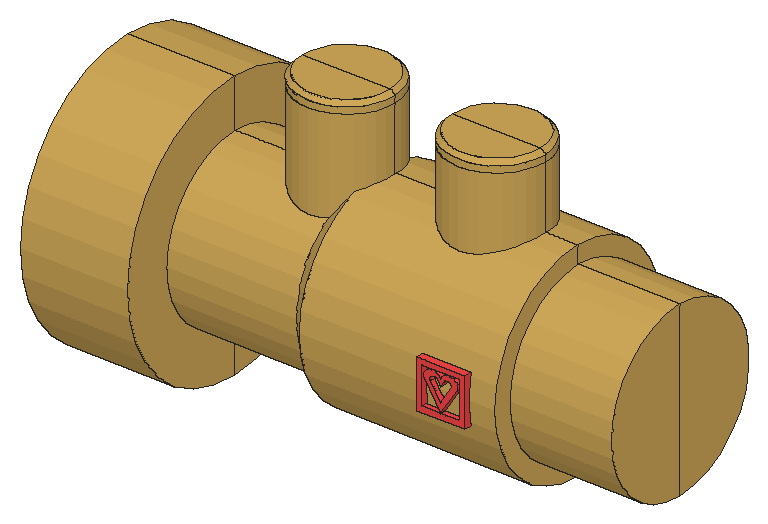
Revit family "HERZ Backflow Preventer 2623", category Rohrzubehör, Revit 2020
Family settings
  Bemaßung runder Anschluss = Durchmesser verwenden
  Teiletyp = Unterbricht
  OmniClass-Nummer = 23.65.55.14
  OmniClass-Titel = Valves for Liquid Services
  Arbeitsebenenbasiert = Nein
  Immer vertikal = Ja
  Beim Laden mit Abzugskörper schneiden = Nein
  Gemeinsam genutzt = Nein
Parameters
  Vorgabe-Ansicht = 0.00 mm
  Part number [instance] = size_lookup("2623_", "Artnr", 0, Nennweite)  # 1262304
  Note = "Pursuant to Article 33 of the REACH Regulation (EC No. 1907/2006), we are obliged to point out that the material lead is listed on the SVHC list and that all brass components manufactured in our products exceed 0.1% (w / w) lead (CAS: 7439-92-1 / EINECS: 231-100-4).\r\nSince lead is a component part of an alloy, actual exposure is not possible and therefore no additional information on safe use is necessary."
  Min. operating temperature (water) = 0.5 °C  # constant formula
  Min. operating temperature = -10 °C  # constant formula
  Max. operating temperature = 95 °C  # constant formula
  Max. operating pressure = 1600000.0 Pa  # constant formula
  W01 = 45.00°  # constant formula
  URL = "www.herzvalves.com"
  Plugs = "brass"  # constant formula
  SC_NennweiteBerechnet = 0
  SC_Dimension = ""
  SCTWSEQ = "FW;SBT_TYP_FW=\"108\";2"
  SCTWCODE = "04;14;02"  # constant formula
  S03 = 10.00 mm  # constant formula
  S02 [instance] = L00 / 2  # 44.00 mm
  S01 [instance] = (L00 / 2) + L07 - L06  # 59.00 mm
  Check valve = "POM (body), NBR (O-Ring), stainless steel AISI 302 (spring)"  # constant formula
  R01 = 9.00 mm  # constant formula
  Nennweite [instance] = 32.00 mm
  Medium = "clear liquids"  # constant formula
  LO1 [instance] = if(Nennweite = 20.00 mm, 18.00 mm, if(Nennweite = 25.00 mm, 18.00 mm, if(Nennweite = 32.00 mm, 24.00 mm, 1.00 mm)))  # 24.00 mm
  L07 [instance] = size_lookup("2623_", "L7", 1.00 mm, Nennweite)  # 20.00 mm
  L06 [instance] = size_lookup("2623_", "L6", 1.00 mm, Nennweite)  # 5.00 mm
  L05 [instance] = size_lookup("2623_", "L5", 1.00 mm, Nennweite) + L04  # 53.90 mm
  L04 [instance] = size_lookup("2623_", "L4", 1.00 mm, Nennweite)  # 25.90 mm
  L03 [instance] = size_lookup("2623_", "L3", 1.00 mm, Nennweite)  # 19.00 mm
  L02 [instance] = size_lookup("2623_", "L2", 1.00 mm, Nennweite)  # 32.50 mm
  L01 [instance] = size_lookup("2623_", "L1", 1.00 mm, Nennweite)  # 2.50 mm
  L00 [instance] = size_lookup("2623_", "L", 1.00 mm, Nennweite)  # 88.00 mm
  Female thread = "acc. to ISO 228"  # constant formula
  IG [instance] = Nennweite / 2  # 16.00 mm
  Hersteller = "HERZ Armaturen Ges.m.b.H."  # constant formula
  H02 = 2.00 mm  # constant formula
  H01 [instance] = size_lookup("2623_", "H1", 1.00 mm, Nennweite)  # 31.00 mm
  GT [instance] = size_lookup("2623_", "GT", 1.00 mm, Nennweite)  # 12.00 mm
  End fitting = "forged brass"  # constant formula
  Sealing = "EPDM"  # constant formula
  D04 [instance] = size_lookup("2623_", "D4", 1.00 mm, Nennweite)  # 25.00 mm
  D03 [instance] = size_lookup("2623_", "D3", 1.00 mm, Nennweite)  # 19.30 mm
  D02 [instance] = size_lookup("2623_", "D2", 1.00 mm, Nennweite)  # 16.00 mm
  D01 [instance] = size_lookup("2623_", "D1", 1.00 mm, Nennweite)  # 18.90 mm
  Body = "forged brass according to EN 12420"  # constant formula
  Male thread = "acc. to ISO 228"  # constant formula
  Application = "The check valve is suitable for central heating systems to prevent backflow.\r\nThis product can be used, in general, with different media, but liquids must be clear.\r\nThe valve can be used in any position.\r\nThe flow direction is indicated by an arrow on the body.\r\nThe check valve is spring-loaded by means of an axial guide and can be operated both at low and at high pressures.\r\nTwo bores 1/4“ plugs are fitted for measuring purposes."
  AG [instance] = Nennweite / 2  # 16.00 mm
Reference planes
  plane 1 "Mitte (Vorne/hinten)": y = 0
  plane 2: z = 0
  plane 3 "Mitte (Links/rechts)": x = 0
Forms (mm)
  Revolve 1, solid, material "Messing, weicher Gelbton, geschweißt", detail levels fine
    sketch origin (0, 0, 0) x (1, 0, 0) y (0, 0, 1)
      loop
        line (-44, 0) -> (44, 0) -> (44, 16) -> (25, 16) -> (25, 19.3) -> (-11.5, 19.3) -> (-14.8, 16) -> (-41.5, 16) -> (-41.5, 18.9) -> (-44, 18.9) -> (-44, 0)
      axis (-44, 0) -> (44, 0)
    angle from 0 to 360
  Revolve 2, solid, material "Messing, weicher Gelbton, geschweißt", detail levels fine
    sketch origin (0, 0, 0) x (1, 0, 0) y (0, 0, 1)
      loop
        line (-18.1, 0) -> (-9.1, 0) -> (-9.1, 31) -> (-18.1, 31) -> (-18.1, 0)
      axis (-18.1, 31) -> (-18.1, 0)
    angle from 0 to 360
  Revolve 3, solid, material "Messing, weicher Gelbton, geschweißt", detail levels fine
    sketch origin (0, 0, 0) x (1, 0, 0) y (0, 0, 1)
      loop
        line (9.9, 0) -> (18.9, 0) -> (18.9, 31) -> (9.9, 31) -> (9.9, 0)
      axis (9.9, 31) -> (9.9, 0)
    angle from 0 to 360
  Revolve 4, solid, material "Messing, weicher Gelbton, geschweißt", detail levels fine
    sketch origin (0, 0, 0) x (1, 0, 0) y (0, 0, 1)
      loop
        line (-39, 0) -> (-39, 25) -> (-59, 25) -> (-59, 16) -> (-47, 16) -> (-47, 0) -> (-39, 0)
      axis (-59, 0) -> (-39, 0)
    angle from 0 to 360
  Revolve 5, solid, material "Messing, weicher Gelbton, geschweißt", detail levels fine
    sketch origin (0, 0, 0) x (1, 0, 0) y (0, 0, 1)
      loop
        line (-18.1, 31) -> (-9.1, 31) -> (-9.1, 32.2) -> (-9.9, 33) -> (-18.1, 33) -> (-18.1, 31)
      axis (-18.1, 33) -> (-18.1, 31)
    angle from 0 to 360
  Revolve 6, solid, material "Messing, weicher Gelbton, geschweißt", detail levels fine
    sketch origin (0, 0, 0) x (1, 0, 0) y (0, 0, 1)
      loop
        line (9.9, 31) -> (18.9, 31) -> (18.9, 32.2) -> (18.1, 33) -> (9.9, 33) -> (9.9, 31)
      axis (9.9, 31) -> (9.9, 33)
    angle from 0 to 360
Lines and regions (mm)
  model lines, detail levels coarse+medium
    curve 1: line (-59, 0, 25) -> (-59, 0, -25)
    curve 2: line (-59, 0, 25) -> (44, 0, -25)
    curve 3: line (44, 0, -25) -> (44, 0, 25)
    curve 4: circle (-59, 0, 25) r 10 normal (0, -1, 0)
    curve 5: line (-59, -25, 0) -> (-59, 25, 0)
    curve 6: line (-59, 25, 0) -> (44, -25, 0)
    curve 7: line (44, -25, 0) -> (44, 25, 0)
    curve 8: circle (-59, 25, 0) r 10 normal (0, 0, 1)
Dimensions and locks
  equal spacing: Revolve 1 sketch curve, plane 3 "Mitte (Links/rechts)", Revolve 1 sketch curve
  "L00": Revolve 1 sketch curve to Revolve 1 sketch curve
  "AG": Revolve 1 sketch curve to plane 2
  "L01": Revolve 1 sketch curve to Revolve 1 sketch curve
  "L02": Revolve 1 sketch curve to Revolve 1 sketch curve
  "D01": Revolve 1 sketch curve to plane 2
  "D02": Revolve 1 sketch curve to plane 2
  "D03": Revolve 1 sketch curve to plane 2
  "L03": Revolve 1 sketch curve to Revolve 1 sketch curve
  "R01": Revolve 2 sketch curve to Revolve 2 sketch curve
  "H01": Revolve 2 sketch curve to plane 2
  "L04": Revolve 1 to Revolve 2 sketch curve
  "L05": Revolve 1 to Revolve 3 sketch curve
  "R01": Revolve 3 sketch curve to Revolve 3 sketch curve
  "H01": Revolve 3 sketch curve to plane 2
  "D03": nested 1 to plane 1 "Mitte (Vorne/hinten)"
  "LO1": nested 1 to Revolve 1
  "L06": Revolve 1 to Revolve 4 sketch curve
  "L07": Revolve 4 sketch curve to Revolve 4 sketch curve
  "GT": Revolve 4 sketch curve to Revolve 4 sketch curve
  "D04": Revolve 4 sketch curve to plane 2
  "IG": Revolve 4 sketch curve to Revolve 4 sketch curve
  "H01": Revolve 5 sketch curve to plane 2
  "H02": Revolve 5 sketch curve to Revolve 5 sketch curve
  "R01": Revolve 5 sketch curve to Revolve 5 sketch curve
  "L04": Revolve 1 to Revolve 5 sketch curve
  "R01": Revolve 6 sketch curve to Revolve 6 sketch curve
  "H01": Revolve 6 sketch curve to plane 2
  "H02": Revolve 6 sketch curve to Revolve 6 sketch curve
  "L05": Revolve 6 sketch curve to Revolve 1
  "D04": curve 2 to plane 2 to curve 1
  "D04": curve 3 to plane 2 to curve 3
  "S01": curve 1 to plane 3 "Mitte (Links/rechts)"
  "S02": curve 3 to plane 3 "Mitte (Links/rechts)"
  "S01": plane 3 "Mitte (Links/rechts)" to curve 4
  "D04": curve 5 to plane 1 "Mitte (Vorne/hinten)" to curve 6
  "D04": curve 7 to plane 1 "Mitte (Vorne/hinten)" to curve 7
  "S01": curve 5 to plane 3 "Mitte (Links/rechts)"
  "S02": plane 3 "Mitte (Links/rechts)" to curve 7
  "S01": curve 8 to plane 3 "Mitte (Links/rechts)"
  "S03": radius of curve 4
  "S03": radius of curve 8
  "W01": angle Revolve 1 sketch curve to Revolve 1 sketch curve
  "W01": angle Revolve 5 sketch curve to Revolve 5 sketch curve
  "W01": angle Revolve 6 sketch curve to Revolve 6 sketch curve
  aligned and locked: level to plane 2
Automatic sketch dimensions
  curve 4 to curve 1 = 0.00 mm
  curve 8 to curve 5 = 0.00 mm
  Revolve 1 sketch curve to level = 0.00 mm  (x2)
  Revolve 1 sketch curve to Revolve 1 sketch curve = 0.00 mm
  Revolve 1 sketch curve to Revolve 1 sketch curve = 1805.148 mm
  Revolve 2 sketch curve to level = 0.00 mm  (x2)
  Revolve 2 sketch curve to Revolve 2 sketch curve = 0.00 mm  (x2)
  Revolve 3 sketch curve to level = 0.00 mm  (x2)
  Revolve 3 sketch curve to Revolve 3 sketch curve = 0.00 mm  (x2)
  Revolve 4 sketch curve to level = 0.00 mm  (x2)
  Revolve 4 sketch curve to Revolve 4 sketch curve = 1461.53 mm
  plane 3 "Mitte (Links/rechts)" to Revolve 4 sketch curve = 1839.148 mm
  Revolve 5 sketch curve to Revolve 5 sketch curve = 0.00 mm  (x3)
  Revolve 5 sketch curve to Revolve 5 sketch curve = 0.80 mm
  Revolve 6 sketch curve to Revolve 6 sketch curve = 0.00 mm  (x3)
  Revolve 6 sketch curve to Revolve 6 sketch curve = 0.80 mm
Nested families
  nested 1: "Herz-Logo-vorne" at (15.5, -19.3, 0) x (0, 1, 0) z (0, 0, 1), type "Herz-Logo-vorne", detail levels fine
Connectors
  piping at (44, 0, 0), diameter 32, driven by "Nennweite"
    settings: on Revolve 1, index 2, connector inside diameter 609.6 mm, connector length 0.00 mm, flow factor 0, pipe flow 0.0 L/s, pressure drop 0.0 Pa, fitting loss kfactor 0, connector angle 0.00°, fixture units 0, engagement length 0.00 mm, angle of deflection 0.00°, flow configuration 0, flow direction 2, fitting loss method 0, system type 29, joint type 0, gender type 0, connector reference index -1, connector utility 0, adjustable connector no, is connector primary yes, connector description ""
  piping at (-47, 0, 0), diameter 32, driven by "Nennweite"
    settings: on Revolve 4, index 3, connector inside diameter 609.6 mm, connector length 0.00 mm, flow factor 0, pipe flow 0.0 L/s, pressure drop 0.0 Pa, fitting loss kfactor 0, connector angle 0.00°, fixture units 0, engagement length 0.00 mm, angle of deflection 0.00°, flow configuration 0, flow direction 1, fitting loss method 0, system type 29, joint type 0, gender type 0, connector reference index -1, connector utility 0, adjustable connector no, is connector primary no, connector description ""
Definition of nested family "Herz-Logo-vorne"
  Parameters (values of type "Herz-Logo-vorne")
    Default Elevation = 0.00 mm
  Reference planes
    plane 1 "Mitte (Vorne/hinten)": y = 0
    plane 2: z = 0
    plane 3 "Mitte (Links/rechts)": x = 0
  Forms (mm)
    Extrusion 1, solid
      sketch origin (0.732, -0.018, 0.017) x (0, -1, 0) y (0, 0, 1)
        loop
          line (-0.018, -4.517) -> (4.482, -4.517) -> (4.482, 4.483) -> (-4.518, 4.483) -> (-4.518, -4.517) -> (-0.018, -4.517)
        loop
          line (-0.05, -3.48) -> (3.482, -3.48) -> (3.482, 3.483) -> (-3.518, 3.483) -> (-3.518, -3.48) -> (-0.05, -3.48)
        loop
          arc (-0.018, 2.383) -> (-1.543, 3.287) -> (-3.067, 2.383) r 1.738
          arc (-3.067, 2.383) -> (-3.191, 1.899) -> (-3.067, 1.415) r 1.009
          line (-3.067, 1.415) -> (-0.018, -3.281) -> (3.032, 1.415)
          arc (3.032, 1.415) -> (3.156, 1.899) -> (3.032, 2.383) r 1.009
          arc (3.032, 2.383) -> (1.507, 3.287) -> (-0.018, 2.383) r 1.738
        loop
          arc (1.885, 1.272) -> (2.005, 1.675) -> (1.885, 2.079) r 0.74
          arc (1.885, 2.079) -> (1.265, 2.416) -> (0.644, 2.079) r 0.74
          line (0.644, 2.079) -> (-0.018, 0.97) -> (-0.679, 2.079)
          arc (-0.679, 2.079) -> (-1.3, 2.416) -> (-1.921, 2.079) r 0.74
          arc (-1.921, 2.079) -> (-2.04, 1.675) -> (-1.921, 1.272) r 0.74
          line (-1.921, 1.272) -> (-0.018, -1.658) -> (1.885, 1.272)
      from 0 to 1.5
  Dimensions and locks
    aligned and locked: level to plane 2
